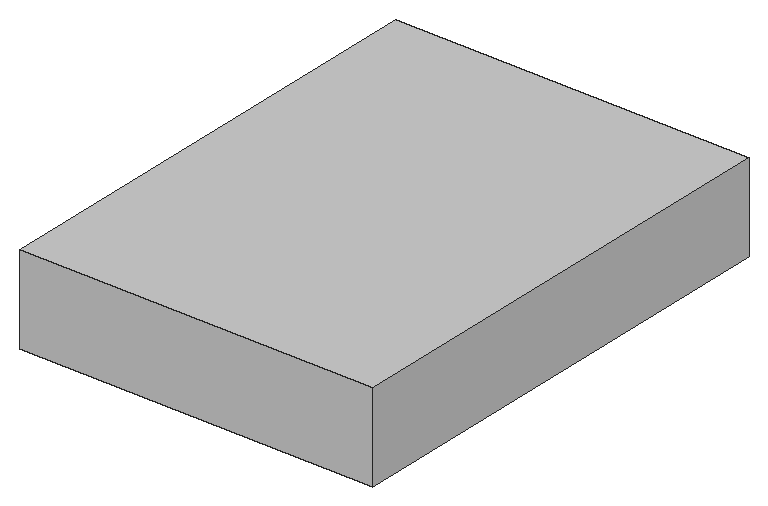
Revit family "RC-Iso_Footing", category Structural Foundations, Revit 2020
Family settings
  Material for Model Behavior = Other
  Cap = No
  OmniClass Number = 23.25.05.17
  OmniClass Title = Shallow Foundations
  Work Plane-Based = No
  Always vertical = Yes
  Cut with Voids When Loaded = No
  Shared = No
Parameters (values of type "RC")
  Width = 1800 mm
  Structural Material [instance] = Concrete, Cast-in-Place gray
  Length = 2400 mm
  Foundation Thickness = 450 mm
  Assembly Code = ""
Reference planes
  plane 1 "Center (Front/Back)": y = 0
  plane 2: z = 0
  plane 3 "Center (Left/Right)": x = 0
  plane 4: x = -900
  plane 5: x = 900
  plane 6: y = 1200
  plane 7: y = -1200
Forms (mm)
  Extrusion 1, solid, material "Concrete, Cast-in-Place gray" <- "Structural Material"
    sketch origin (0, 0, 0) x (1, 0, 0) y (0, 1, 0)
      loop
        line (-900, 1200) -> (-900, -1200) -> (900, -1200) -> (900, 1200) -> (-900, 1200)
    from -450 to 0
Dimensions and locks
  "Foundation Thickness": plane 2 to Extrusion 1
  "Width": plane 4 to plane 5
  "Length": plane 6 to plane 7
  equal spacing: plane 6, plane 1 "Center (Front/Back)", plane 7
  equal spacing: plane 4, plane 3 "Center (Left/Right)", plane 5
  aligned and locked: plane 4 to Extrusion 1 sketch curve
  aligned and locked: Extrusion 1 sketch curve to plane 5
  aligned and locked: Extrusion 1 sketch curve to plane 6
  aligned and locked: plane 7 to Extrusion 1 sketch curve
  aligned and locked: level to Extrusion 1
